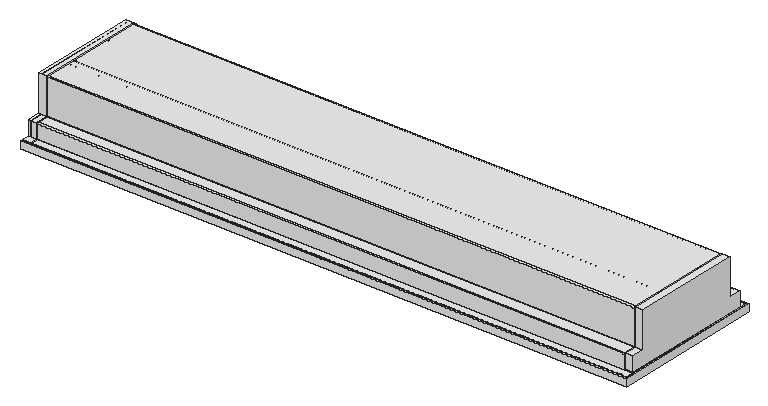
Revit family "MSUo", category Lighting Fixtures, host Ceiling, Revit 2019
Family settings
  Host = Ceiling
  Round Connector Dimension = Use Diameter
  Part Type = Normal
  OmniClass Number = 23.80.70.11.14.17
  OmniClass Title = Direct/Indirect
  Always vertical = Yes
  Cut with Voids When Loaded = No
  Light Source = Yes
  Shared = No
  Room Calculation Point = No
Parameters (values of type "MSUo-1X4-LED840KxxL_32GUNV")
  Width = 0' - 11 3/4"
  Wattage = 51 W
  built-in parameter 1150110 = 1 (stored number, unit not read)
  Voltage = 120 V
  URL = "https://www.viscor.com/en/products/msui"
  built-in parameter 1114217 = 0.9 (stored number, unit not read)
  Tilt Angle = 90.00°
  built-in parameter 1150109 = 1 (stored number, unit not read)
  built-in parameter 1150134 = 12
  built-in parameter 1150113 = 1 (stored number, unit not read)
  Photometric Web File = "MSUo-1X4-LED840KxxL_32GUNV.ies"
  Model = "MSUo"  # constant formula
  Manufacturer = "CERTOLUX by VISCOR"  # constant formula
  Lumens = 3162 lm
  built-in parameter 1150115 = 1 (stored number, unit not read)
  built-in parameter 1150105 = 251.62 (stored number, unit not read)
  built-in parameter 1150137 = (empty or 0)
  built-in parameter 1150139 = (empty or 0)
  Lens Finish Green = Acrylic - Viscor Frosted Prismatic P12 Green
  Lens Finish = Acrylic - Viscor - Frosted Prismatic P12
  Length = 3' - 11 3/4"
  Lamp Wattage = 51 VA
  built-in parameter 1150112 = 1 (stored number, unit not read)
  built-in parameter 1150114 = 1 (stored number, unit not read)
  Lamp = "LED"  # constant formula
  built-in parameter 1150132 = (empty or 0)
  built-in parameter 1150102 = (empty or 0)
  built-in parameter 1150138 = (empty or 0)
  built-in parameter 1150107 = 4000 (stored number, unit not read)
  built-in parameter 1150106 = 2.5162 (stored number, unit not read)
  Housing Finish = Metal - Viscor - White
  Emit from Rectangle Width = Width  # 0' - 11 3/4"
  Emit from Rectangle Length = Length  # 3' - 11 3/4"
  Emit Shape Visible in Rendering = no
  built-in parameter 1150104 = 5.76 (stored number, unit not read)
  Dimming Lamp Color Temperature Shift = <None>
  Description = "LED Recessed Medical Surgical with Overlapping Door Frame"  # constant formula
  Color Filter = 8454016
  built-in parameter 1114218 = 1 (stored number, unit not read)
  built-in parameter 1150133 = 10 (stored number, unit not read)
  Assembly Code = "D5020200"
  Apparent Load = Lamp Wattage  # 51 VA
Types (22): name | Width | Wattage | URL | Photometric Web File | Lumens | built-in parameter 1150105 | Lens Finish Green | Length | Lamp Wattage | built-in parameter 1150106 | Emit from Rectangle Width | Emit from Rectangle Length | built-in parameter 1150104 | Color Filter | Apparent Load
  (no name) | 0' - 11 3/4" | 51 W | "https://www.viscor.com/en/products/msui" | "MSUo-1X4-LED840KxxL_32GUNV.ies" | 3162 lm | 251.62 (stored number, unit not read) | Acrylic - Viscor Frosted Prismatic P12 Green | 3' - 11 3/4" | 51 VA | 2.5162 (stored number, unit not read) | 0' - 11 3/4" | 3' - 11 3/4" | 5.76 (stored number, unit not read) | 8454016 | 51 VA
  MSUo-1X4-LED840K035LUNV | 0' - 11 3/4" | 32 W | "https://www.viscor.com/en/products/msui" | "MSUo-1X4-LED840K035LUNV.ies" | 3584 lm | 285.21 (stored number, unit not read) | none | 3' - 11 3/4" | 32 VA | 2.8521 (stored number, unit not read) | 0' - 11 3/4" | 3' - 11 3/4" | 10.405 (stored number, unit not read) | 16777215 | 32 VA
  MSUo-2X2-LED840K035LUNV | 1' - 11 3/4" | 31 W | "https://www.viscor.com/en/products/msui" | "MSUo-2X2-LED840K035LUNV.ies" | 3565 lm | 283.69 (stored number, unit not read) | none | 1' - 11 3/4" | 31 VA | 2.8369 (stored number, unit not read) | 1' - 11 3/4" | 1' - 11 3/4" | 10.684 (stored number, unit not read) | 16777215 | 31 VA
  MSUo-2X4-LED840K055LUNV | 1' - 11 3/4" | 45 W | "https://www.viscor.com/en/products/msui" | "MSUo-2X4-LED840K055LUNV.ies" | 5535 lm | 440.46 (stored number, unit not read) | none | 3' - 11 3/4" | 45 VA | 4.4046 (stored number, unit not read) | 1' - 11 3/4" | 3' - 11 3/4" | 11.427 (stored number, unit not read) | 16777215 | 45 VA
  MSUo-1X4-LED840K055LUNV | 0' - 11 3/4" | 51 W | "https://www.viscor.com/en/products/msui" | "MSUo-1X4-LED840K055LUNV.ies" | 5559 lm | 442.37 (stored number, unit not read) | none | 3' - 11 3/4" | 51 VA | 4.4237 (stored number, unit not read) | 0' - 11 3/4" | 3' - 11 3/4" | 10.126 (stored number, unit not read) | 16777215 | 51 VA
  MSUo-1X4-LED840K070LUNV | 0' - 11 3/4" | 68 W | "https://www.viscor.com/en/products/msui" | "MSUo-1X4-LED840K070LUNV.ies" | 7072 lm | 562.77 (stored number, unit not read) | none | 3' - 11 3/4" | 68 VA | 5.6277 (stored number, unit not read) | 0' - 11 3/4" | 3' - 11 3/4" | 9.6619 (stored number, unit not read) | 16777215 | 68 VA
  MSUo-1X4-LED840K100LUNV | 0' - 11 3/4" | 96 W | "https://www.viscor.com/en/products/msui" | "MSUo-1X4-LED840K100LUNV.ies" | 10080 lm | 802.14 (stored number, unit not read) | none | 3' - 11 3/4" | 96 VA | 8.0214 (stored number, unit not read) | 0' - 11 3/4" | 3' - 11 3/4" | 9.7548 (stored number, unit not read) | 16777215 | 96 VA
  MSUo-2X2-LED840K055LUNV | 1' - 11 3/4" | 50 W | "https://www.viscor.com/en/products/msui" | "MSUo-2X2-LED840K055LUNV.ies" | 5550 lm | 441.65 (stored number, unit not read) | none | 1' - 11 3/4" | 50 VA | 4.4165 (stored number, unit not read) | 1' - 11 3/4" | 1' - 11 3/4" | 10.312 (stored number, unit not read) | 16777215 | 50 VA
  MSUo-2X2-LED840K070LUNV | 1' - 11 3/4" | 65 W | "https://www.viscor.com/en/products/msui" | "MSUo-2X2-LED840K070LUNV.ies" | 7020 lm | 558.63 (stored number, unit not read) | none | 1' - 11 3/4" | 65 VA | 5.5863 (stored number, unit not read) | 1' - 11 3/4" | 1' - 11 3/4" | 10.034 (stored number, unit not read) | 16777215 | 65 VA
  MSUo-2X2-LED840K100LUNV | 1' - 11 3/4" | 93 W | "https://www.viscor.com/en/products/msui" | "MSUo-2X2-LED840K100LUNV.ies" | 10137 lm | 806.68 (stored number, unit not read) | none | 1' - 11 3/4" | 93 VA | 8.0668 (stored number, unit not read) | 1' - 11 3/4" | 1' - 11 3/4" | 10.126 (stored number, unit not read) | 16777215 | 93 VA
  MSUo-2X4-LED840K070LUNV | 1' - 11 3/4" | 59 W | "https://www.viscor.com/en/products/msui" | "MSUo-2X4-LED840K070LUNV.ies" | 7080 lm | 563.41 (stored number, unit not read) | none | 3' - 11 3/4" | 59 VA | 5.6341 (stored number, unit not read) | 1' - 11 3/4" | 3' - 11 3/4" | 11.148 (stored number, unit not read) | 16777215 | 59 VA
  MSUo-2X4-LED840K100LUNV | 1' - 11 3/4" | 80 W | "https://www.viscor.com/en/products/msui" | "MSUo-2X4-LED840K100LUNV.ies" | 10080 lm | 802.14 (stored number, unit not read) | none | 3' - 11 3/4" | 80 VA | 8.0214 (stored number, unit not read) | 1' - 11 3/4" | 3' - 11 3/4" | 11.706 (stored number, unit not read) | 16777215 | 80 VA
  MSUo-2X4-LED840K120LUNV | 1' - 11 3/4" | 99 W | "https://www.viscor.com/en/products/msui" | "MSUo-2X4-LED840K120LUNV.ies" | 12078 lm | 961.14 (stored number, unit not read) | none | 3' - 11 3/4" | 99 VA | 9.6114 (stored number, unit not read) | 1' - 11 3/4" | 3' - 11 3/4" | 11.334 (stored number, unit not read) | 16777215 | 99 VA
  MSUo-2X4-LED840K180LUNV | 1' - 11 3/4" | 143 W | "https://www.viscor.com/en/products/msui" | "MSUo-2X4-LED840K180LUNV.ies" | 18161 lm | 1445.2 (stored number, unit not read) | none | 3' - 11 3/4" | 143 VA | 14.452 (stored number, unit not read) | 1' - 11 3/4" | 3' - 11 3/4" | 11.799 (stored number, unit not read) | 16777215 | 143 VA
  MSUo-2X4-LED840K240LUNV | 1' - 11 3/4" | 198 W | "https://www.viscor.com/en/products/msuo" | "MSUo-2X4-LED840K240LUNV.ies" | 24156 lm | 1922.3 (stored number, unit not read) | none | 3' - 11 3/4" | 198 VA | 19.223 (stored number, unit not read) | 1' - 11 3/4" | 3' - 11 3/4" | 11.334 (stored number, unit not read) | 16777215 | 198 VA
  MSUo-1X4-LED840KxxL_32GUNV | 0' - 11 3/4" | 51 W | "https://www.viscor.com/en/products/msui" | "MSUo-1X4-LED840KxxL_32GUNV.ies" | 3162 lm | 251.62 (stored number, unit not read) | Acrylic - Viscor Frosted Prismatic P12 Green | 3' - 11 3/4" | 51 VA | 2.5162 (stored number, unit not read) | 0' - 11 3/4" | 3' - 11 3/4" | 5.76 (stored number, unit not read) | 8454016 | 51 VA
  MSUo-1X4-LED840KxxL_50GUNV | 0' - 11 3/4" | 80 W | "https://www.viscor.com/en/products/msui" | "MSUo-1X4-LED840KxxL_50GUNV.ies" | 4960 lm | 394.7 (stored number, unit not read) | Acrylic - Viscor Frosted Prismatic P12 Green | 3' - 11 3/4" | 80 VA | 3.947 (stored number, unit not read) | 0' - 11 3/4" | 3' - 11 3/4" | 5.76 (stored number, unit not read) | 8454016 | 80 VA
  MSUo-2X2-LED840KxxL_32GUNV | 1' - 11 3/4" | 51 W | "https://www.viscor.com/en/products/msui" | "MSUo-2X2-LED840KxxL_32GUNV.ies" | 3213 lm | 255.68 (stored number, unit not read) | Acrylic - Viscor Frosted Prismatic P12 Green | 1' - 11 3/4" | 51 VA | 2.5568 (stored number, unit not read) | 1' - 11 3/4" | 1' - 11 3/4" | 5.8529 (stored number, unit not read) | 8454016 | 51 VA
  MSUo-2X2-LED840KxxL_50GUNV | 1' - 11 3/4" | 80 W | "https://www.viscor.com/en/products/msui" | "MSUo-2X2-LED840KxxL_50GUNV.ies" | 4960 lm | 394.7 (stored number, unit not read) | Acrylic - Viscor Frosted Prismatic P12 Green | 1' - 11 3/4" | 80 VA | 3.947 (stored number, unit not read) | 1' - 11 3/4" | 1' - 11 3/4" | 5.76 (stored number, unit not read) | 8454016 | 80 VA
  MSUo-2X4-LED840KxxL_32GUNV | 1' - 11 3/4" | 45 W | "https://www.viscor.com/en/products/msui" | "MSUo-2X4-LED840KxxL_32GUNV.ies" | 3195 lm | 254.25 (stored number, unit not read) | Acrylic - Viscor Frosted Prismatic P12 Green | 3' - 11 3/4" | 45 VA | 2.5425 (stored number, unit not read) | 1' - 11 3/4" | 3' - 11 3/4" | 6.5961 (stored number, unit not read) | 8454016 | 45 VA
  MSUo-2X4-LED840KxxL_50GUNV | 1' - 11 3/4" | 70 W | "https://www.viscor.com/en/products/msui" | "MSUo-2X4-LED840KxxL_50GUNV.ies" | 4970 lm | 395.5 (stored number, unit not read) | Acrylic - Viscor Frosted Prismatic P12 Green | 3' - 11 3/4" | 70 VA | 3.955 (stored number, unit not read) | 1' - 11 3/4" | 3' - 11 3/4" | 6.5961 (stored number, unit not read) | 8454016 | 70 VA
  MSUo-2X4-LED840KxxL_100GUNV | 1' - 11 3/4" | 139 W | "https://www.viscor.com/en/products/msui" | "MSUo-2X4-LED840KxxL_100GUNV.ies" | 10008 lm | 796.41 (stored number, unit not read) | Acrylic - Viscor Frosted Prismatic P12 Green | 3' - 11 3/4" | 139 VA | 7.9641 (stored number, unit not read) | 1' - 11 3/4" | 3' - 11 3/4" | 6.689 (stored number, unit not read) | 8454016 | 139 VA
Reference planes (in)
  plane 1 "Light Source Axis (F/B)": y = 0
  plane 2 "Ceiling": z = 96
  plane 3 "Light Source Axis (L/R)": x = 0
  plane 4 "Light Source Elevation": z = 96
  plane 5: y = 5.875
  plane 6: y = -5.875
  plane 7 "Left": x = -23.875
  plane 8 "Right": x = 23.875
  plane 9: x = -23.25
  plane 10: x = 23.25
  plane 11: x = -22.625
  plane 12: x = 22.625
  plane 13 "USofFrame": z = 96.045
  plane 14: y = -11.25
  plane 15: y = 11.25
  plane 16 "Lens": z = 96.17
  plane 17 "OverlappingDoor": z = 95.4375
  plane 18 "LensPosition": z = 95.5
Forms (in)
  Extrusion 1, solid, material "Metal - Viscor - White" <- "Housing Finish"
    sketch origin (0, 0, 0) x (0, 1, 0) y (0, 0, 1)
      loop
        arc (5.3015, 97.168) -> (5.28217, 97.21467) -> (5.2355, 97.234) r 0.066
        line (5.2355, 97.234) -> (4.3115, 97.234)
        arc (4.3115, 97.234) -> (4.29029, 97.24279) -> (4.2815, 97.264) r 0.03
        line (4.2815, 97.264) -> (4.2815, 100.007)
        arc (4.2815, 100.007) -> (4.26217, 100.05367) -> (4.2155, 100.073) r 0.066
        line (4.2155, 100.073) -> (-4.2155, 100.073)
        arc (-4.2155, 100.073) -> (-4.26217, 100.05367) -> (-4.2815, 100.007) r 0.066
        line (-4.2815, 100.007) -> (-4.2815, 97.264)
        arc (-4.2815, 97.264) -> (-4.29029, 97.24279) -> (-4.3115, 97.234) r 0.03
        line (-4.3115, 97.234) -> (-5.2355, 97.234)
        arc (-5.2355, 97.234) -> (-5.28217, 97.21467) -> (-5.3015, 97.168) r 0.066
        line (-5.3015, 97.168) -> (-5.3015, 96.073) -> (-5.26634, 96.073) -> (-5.26634, 97.168)
        arc (-5.26634, 97.168) -> (-5.25731, 97.18981) -> (-5.2355, 97.19884) r 0.03084
        line (-5.2355, 97.19884) -> (-4.3115, 97.19884)
        arc (-4.3115, 97.19884) -> (-4.26543, 97.21793) -> (-4.24634, 97.264) r 0.06516
        line (-4.24634, 97.264) -> (-4.24634, 100.007)
        arc (-4.24634, 100.007) -> (-4.23731, 100.02881) -> (-4.2155, 100.03784) r 0.03084
        line (-4.2155, 100.03784) -> (4.2155, 100.03784)
        arc (4.2155, 100.03784) -> (4.23731, 100.02881) -> (4.24634, 100.007) r 0.03084
        line (4.24634, 100.007) -> (4.24634, 97.264)
        arc (4.24634, 97.264) -> (4.26543, 97.21793) -> (4.3115, 97.19884) r 0.06516
        line (4.3115, 97.19884) -> (5.2355, 97.19884)
        arc (5.2355, 97.19884) -> (5.25731, 97.18981) -> (5.26634, 97.168) r 0.03084
        line (5.26634, 97.168) -> (5.26634, 96.073) -> (5.3015, 96.073) -> (5.3015, 97.168)
    from -23.25 to 23.25
  Extrusion 2, solid
    sketch origin (0, 0, 0) x (0, 1, 0) y (0, 0, 1)
      loop
        arc (1.664, 100.03702) -> (1.61097, 100.01506) -> (1.58901, 99.96204) r 0.07499
        line (1.58901, 99.96204) -> (1.589, 99.487)
        arc (1.589, 99.487) -> (1.57758, 99.45942) -> (1.55, 99.448) r 0.039
        line (1.55, 99.448) -> (-1.55, 99.448)
        arc (-1.55, 99.448) -> (-1.57758, 99.45942) -> (-1.589, 99.487) r 0.039
        line (-1.589, 99.487) -> (-1.589, 99.96195)
        arc (-1.589, 99.96195) -> (-1.61097, 100.01498) -> (-1.664, 100.037) r 0.075
        line (-1.664, 100.037) -> (-2.214, 100.037) -> (-2.214, 100.00184) -> (-1.664, 100.00179)
        arc (-1.664, 100.00179) -> (-1.63583, 99.99012) -> (-1.62416, 99.96195) r 0.03984
        line (-1.62416, 99.96195) -> (-1.62416, 99.487)
        arc (-1.62416, 99.487) -> (-1.60244, 99.43456) -> (-1.55, 99.41284) r 0.07416
        line (-1.55, 99.41284) -> (1.55, 99.41284)
        arc (1.55, 99.41284) -> (1.60244, 99.43456) -> (1.62417, 99.487) r 0.07416
        line (1.62417, 99.487) -> (1.62417, 99.96204)
        arc (1.62417, 99.96204) -> (1.63583, 99.9902) -> (1.664, 100.00187) r 0.03983
        line (1.664, 100.00187) -> (2.214, 100.00187) -> (2.214, 100.03702) -> (1.664, 100.03702)
    from -23.25 to 23.25
  Extrusion 3, solid, material "Metal - Viscor - White" <- "Housing Finish"
    sketch origin (0, 0, 0) x (0, 1, 0) y (0, 0, 1)
      loop
        line (5.299, 96.095) -> (5.299, 97.234) -> (4.2815, 97.234) -> (4.2815, 100.073) -> (-4.2815, 100.073) -> (-4.2815, 97.234) -> (-5.3015, 97.234) -> (-5.3015, 96.095) -> (5.299, 96.095)
    from -23.875 to -23.25
  Extrusion 4, void
    sketch origin (-23.25, 0, 0) x (0, -1, 0) y (0, 0, 1)
      loop
        line (4.24634, 100.03784) -> (-4.24634, 100.03784) -> (-4.24634, 97.19884) -> (-5.26384, 97.19884) -> (-5.26384, 96.13016) -> (5.26634, 96.13016) -> (5.26634, 97.19884) -> (4.24634, 97.19884) -> (4.24634, 100.03784)
    from 0 to 0.47339
  Extrusion 5, solid, material "Metal - Viscor - White" <- "Housing Finish"
    sketch origin (0, 0, 0) x (0, 1, 0) y (0, 0, -1)
      loop
        line (5.299, -96.095) -> (-5.3015, -96.095) -> (-5.3015, -97.234) -> (-4.2815, -97.234) -> (-4.2815, -100.073) -> (4.2815, -100.073) -> (4.2815, -97.234) -> (5.299, -97.234) -> (5.299, -96.095)
    from -23.875 to -23.25
  Extrusion 6, void
    sketch origin (23.25, 0, 0) x (0, -1, 0) y (0, 0, -1)
      loop
        line (4.24634, -100.03784) -> (4.24634, -97.19884) -> (5.26634, -97.19884) -> (5.26634, -96.13016) -> (-5.26384, -96.13016) -> (-5.26384, -97.19884) -> (-4.24634, -97.19884) -> (-4.24634, -100.03784) -> (4.24634, -100.03784)
    from 0 to 0.47339
  Extrusion 7, solid, material "Metal - Viscor - White" <- "Housing Finish"
    sketch origin (0, 0, 0) x (0, 1, 0) y (0, 0, 1)
      loop
        line (4.39827, 96.724) -> (3.1406, 97.23213) -> (1.45632, 99.38791)
        arc (1.45632, 99.38791) -> (1.43432, 99.40566) -> (1.40677, 99.412) r 0.063
        line (1.40677, 99.412) -> (0.8125, 99.412) -> (0.8125, 99.38075) -> (1.42226, 99.38075) -> (3.12113, 97.20629) -> (4.38657, 96.69503) -> (4.39827, 96.724)
    from -22.625 to 22.625
  Extrusion 8, solid, material "Metal - Viscor - White" <- "Housing Finish"
    sketch origin (0, 0, 0) x (0, -1, 0) y (0, 0, -1)
      loop
        line (4.39827, -96.724) -> (4.38657, -96.69503) -> (3.12113, -97.20629) -> (1.42226, -99.38075) -> (0.8125, -99.38075) -> (0.8125, -99.412) -> (1.40677, -99.412)
        arc (1.40677, -99.412) -> (1.43432, -99.40566) -> (1.45632, -99.38791) r 0.063
        line (1.45632, -99.38791) -> (3.1406, -97.23213) -> (4.39827, -96.724)
    from -22.625 to 22.625
  Extrusion 9, solid, material "Metal - Viscor - White" <- "Housing Finish"
    sketch origin (0, 0, 0) x (0, 1, 0) y (0, 0, 1)
      loop
        line (5.8745, 96) -> (5.8745, 96.04687) -> (5.2715, 96.04688)
        arc (5.2715, 96.04688) -> (5.24313, 96.05863) -> (5.23067, 96.087) r 0.04012
        line (5.23067, 96.087) -> (5.23067, 96.63488) -> (-5.23138, 96.63488) -> (-5.23138, 96.087)
        arc (-5.23138, 96.087) -> (-5.24313, 96.05863) -> (-5.2715, 96.04687) r 0.04012
        line (-5.2715, 96.04687) -> (-5.8745, 96.04687) -> (-5.8745, 96) -> (-5.2715, 96)
        arc (-5.2715, 96) -> (-5.20998, 96.02548) -> (-5.1845, 96.087) r 0.087
        line (-5.1845, 96.087) -> (-5.1845, 96.588) -> (5.18379, 96.588) -> (5.1845, 96.087)
        arc (5.1845, 96.087) -> (5.20998, 96.02548) -> (5.2715, 96) r 0.087
        line (5.2715, 96) -> (5.8745, 96)
    from -23.875 to 23.875
  Extrusion 10, solid, material "Metal - Viscor - White" <- "Housing Finish"
    sketch origin (0, 0, 96) x (1, 0, 0) y (0, 1, 0)
      loop
        line (-23.875, -5.875) -> (-23.25, -5.875) -> (-23.25, 5.875) -> (-23.875, 5.875) -> (-23.875, -5.875)
    from 0 to 0.045
  Extrusion 11, solid, material "Metal - Viscor - White" <- "Housing Finish"
    sketch origin (0, 0, 96) x (1, 0, 0) y (0, 1, 0)
      loop
        line (23.25, -5.875) -> (23.875, -5.875) -> (23.875, 5.875) -> (23.25, 5.875) -> (23.25, -5.875)
    from 0 to 0.045
  Extrusion 12, void
    sketch origin (43.99109, -53.88196, 0) x (1, 0, 0) y (0, 1, 0)
      loop
        line (-67.86609, 59.75696) -> (-67.86609, 48.00696) -> (-20.11609, 48.00696) -> (-20.11609, 59.75696) -> (-67.86609, 59.75696)
    from 95.73163 to 100.39174
  Extrusion 13, solid, material "Metal - Viscor - White" <- "Housing Finish"
    sketch origin (0, 0, 95.4375) x (0, 1, 0) y (-1, 0, 0)
      loop
        line (-6, 24) -> (-6, -24) -> (5.9995, -24) -> (5.9995, 24) -> (-6, 24)
      loop
        line (-3.8125, 21.8125) -> (-3.8125, -21.8125) -> (3.812, -21.8125) -> (3.812, 21.8125) -> (-3.8125, 21.8125)
    from 0 to 0.5625
  Extrusion 14, solid, material "Acrylic - Viscor Frosted Prismatic P12 Green" <- "Lens Finish Green"
    sketch origin (0, 0, 95.5) x (0, 1, 0) y (-1, 0, 0)
      loop
        line (-4.0625, 22.0625) -> (-4.0625, -22.0625) -> (4.062, -22.0625) -> (4.062, 22.0625) -> (-4.0625, 22.0625)
    from 0 to 0.125
Cuts and joins
  Extrusion 4, Extrusion 6 cuts Extrusion 2
  Extrusion 4, Extrusion 6 cuts Extrusion 3
  Extrusion 6 cuts Extrusion 5
Dimensions and locks (in)
  equal spacing: host sketch curve, plane 3 "Light Source Axis (L/R)", host sketch curve
  equal spacing: host sketch curve, plane 1 "Light Source Axis (F/B)", host sketch curve
  host sketch curve to host sketch curve = 10' - 0"  (x2)
  locked: import instance to host ceiling at 4.109
  equal spacing: plane 7 "Left", plane 3 "Light Source Axis (L/R)", plane 8 "Right"
  "Length": plane 7 "Left" to plane 8 "Right"
  equal spacing: plane 5, plane 1 "Light Source Axis (F/B)", plane 6
  "Width": plane 5 to plane 6
  locked: plane 11 to plane 9 at 0.625
  locked: plane 7 "Left" to plane 9 at 0.625
  plane 12 to plane 10 = 0' - 0 5/8"
  plane 10 to plane 8 "Right" = 0' - 0 5/8"
  locked: plane 13 "USofFrame" to plane 2 "Ceiling" at 0.045
  plane 16 "Lens" to plane 13 "USofFrame" = 0' - 0 1/8"
  locked: plane 4 "Light Source Elevation" to plane 17 "OverlappingDoor" at 0.5625
  aligned and locked: plane 3 "Light Source Axis (L/R)" to imposter light
  aligned and locked: plane 1 "Light Source Axis (F/B)" to imposter light
  aligned and locked: plane 4 "Light Source Elevation" to imposter light
  aligned and locked: Extrusion 1 to plane 9
  aligned and locked: plane 10 to Extrusion 1
  aligned and locked: Extrusion 2 to plane 9
  aligned and locked: plane 10 to Extrusion 2
  aligned and locked: Extrusion 3 to plane 7 "Left"
  aligned and locked: plane 9 to Extrusion 3
  aligned and locked: Extrusion 7 to plane 11
  aligned and locked: plane 12 to Extrusion 7
  aligned and locked: Extrusion 8 to plane 11
  aligned and locked: plane 12 to Extrusion 8
  aligned and locked: plane 8 "Right" to cut or joined group of Extrusion 5, Extrusion 6
  aligned and locked: cut or joined group of Extrusion 5, Extrusion 6 to plane 10
  aligned and locked: Extrusion 9 to plane 7 "Left"
  aligned and locked: plane 8 "Right" to Extrusion 9
  aligned and locked: Extrusion 10 sketch curve to plane 7 "Left"
  aligned and locked: plane 9 to Extrusion 10 sketch curve
  aligned and locked: plane 13 "USofFrame" to Extrusion 10
  aligned and locked: Extrusion 11 sketch curve to plane 10
  aligned and locked: Extrusion 11 sketch curve to plane 6
  aligned and locked: plane 5 to Extrusion 11 sketch curve
  aligned and locked: plane 13 "USofFrame" to Extrusion 11
  aligned and locked: Extrusion 12 to plane 7 "Left"
  aligned and locked: plane 8 "Right" to Extrusion 12
  aligned and locked: Extrusion 12 to plane 6
  aligned and locked: plane 5 to Extrusion 12
Automatic sketch dimensions
  Extrusion 1 sketch curve to Extrusion 1 sketch curve = 0' - 0"  (x12)
  plane 2 "Ceiling" to Extrusion 1 sketch curve = 0' - 0.073"  (x2)
  plane 6 to Extrusion 1 sketch curve = 0' - 0.5735"
  Extrusion 1 sketch curve to Extrusion 1 sketch curve = 0' - 0 9/256"
  Extrusion 1 sketch curve to Extrusion 1 sketch curve = 0' - 0.03084"  (x4)
  Extrusion 1 sketch curve to Extrusion 1 sketch curve = 0' - 0.924"
  Extrusion 1 sketch curve to Extrusion 1 sketch curve = 0' - 0.03"  (x2)
  Extrusion 1 sketch curve to plane 5 = 0' - 1.6595"
  Extrusion 1 sketch curve to plane 5 = 0' - 0.6395"
  Extrusion 1 sketch curve to Extrusion 1 sketch curve = 0' - 1.095"  (x2)
  Extrusion 1 sketch curve to Extrusion 1 sketch curve = 0' - 2.743"
  Extrusion 2 sketch curve to Extrusion 2 sketch curve = 0' - 0"  (x18)
  plane 6 to Extrusion 2 sketch curve = 0' - 3.661"
  Extrusion 2 sketch curve to Extrusion 2 sketch curve = 0' - 0.55"  (x2)
  Extrusion 2 sketch curve to Extrusion 2 sketch curve = 0' - 0.03984"
  Extrusion 2 sketch curve to Extrusion 2 sketch curve = 0' - 0 9/256"  (x4)
  Extrusion 2 sketch curve to Extrusion 2 sketch curve = 0' - 0.039"  (x3)
  Extrusion 2 sketch curve to plane 5 = 0' - 4.325"
  Extrusion 2 sketch curve to Extrusion 2 sketch curve = 0' - 0.03901"
  Extrusion 2 sketch curve to Extrusion 2 sketch curve = 0' - 0.03983"
  plane 2 "Ceiling" to Extrusion 2 sketch curve = 0' - 3.41284"
  Extrusion 2 sketch curve to Extrusion 2 sketch curve = 0' - 0.47495"
  Extrusion 2 sketch curve to Extrusion 2 sketch curve = 0' - 0.47504"
  Extrusion 2 sketch curve to Extrusion 2 sketch curve = 0' - 0.00005"
  plane 2 "Ceiling" to Extrusion 3 sketch curve = 0' - 0.095"
  plane 6 to Extrusion 3 sketch curve = 0' - 0.5735"
  Extrusion 3 sketch curve to Extrusion 3 sketch curve = 0' - 1.02"
  Extrusion 3 sketch curve to plane 5 = 0' - 1.5935"
  Extrusion 3 sketch curve to plane 5 = 0' - 0.576"
  Extrusion 3 sketch curve to Extrusion 3 sketch curve = 0' - 1.139"  (x2)
  Extrusion 3 sketch curve to Extrusion 3 sketch curve = 0' - 2.839"
  Extrusion 3 to Extrusion 4 sketch curve = 0' - 0 9/256"  (x8)
  plane 2 "Ceiling" to Extrusion 5 sketch curve = 0' - 0.095"
  plane 6 to Extrusion 5 sketch curve = 0' - 0.5735"
  Extrusion 5 sketch curve to Extrusion 5 sketch curve = 0' - 1.02"
  Extrusion 5 sketch curve to plane 5 = 0' - 1.5935"
  Extrusion 5 sketch curve to plane 5 = 0' - 0.576"
  plane 2 "Ceiling" to Extrusion 5 sketch curve = 0' - 1.234"
  Extrusion 5 sketch curve to Extrusion 5 sketch curve = 0' - 1.139"
  Extrusion 5 sketch curve to Extrusion 5 sketch curve = 0' - 2.839"
  Extrusion 5 to Extrusion 6 sketch curve = 0' - 0 9/256"  (x8)
  Extrusion 7 sketch curve to plane 5 = 0' - 5 1/16"
  Extrusion 7 sketch curve to Extrusion 7 sketch curve = 0' - 0.59427"
  Extrusion 7 sketch curve to Extrusion 7 sketch curve = 0' - 0.01549"
  Extrusion 7 sketch curve to Extrusion 7 sketch curve = 0' - 0.03406"
  plane 2 "Ceiling" to Extrusion 7 sketch curve = 0' - 1.20629"
  Extrusion 7 sketch curve to Extrusion 7 sketch curve = 0' - 1.71436"
  plane 2 "Ceiling" to Extrusion 7 sketch curve = 0' - 1.23213"
  Extrusion 7 sketch curve to Extrusion 7 sketch curve = 0' - 0.01947"
  plane 2 "Ceiling" to Extrusion 7 sketch curve = 0' - 0.69503"
  Extrusion 7 sketch curve to Extrusion 7 sketch curve = 0' - 1.24597"
  Extrusion 7 sketch curve to Extrusion 7 sketch curve = 0' - 2.11687"
  Extrusion 7 sketch curve to Extrusion 7 sketch curve = 0' - 0.03175"
  Extrusion 7 sketch curve to Extrusion 7 sketch curve = 0' - 0.00716"
  Extrusion 7 sketch curve to Extrusion 7 sketch curve = 0' - 0 1/32"
  Extrusion 7 sketch curve to Extrusion 7 sketch curve = 0' - 0"
  Extrusion 8 sketch curve to plane 6 = 0' - 5 1/16"
  Extrusion 8 sketch curve to Extrusion 8 sketch curve = 0' - 0.59427"
  Extrusion 8 sketch curve to Extrusion 8 sketch curve = 0' - 0.01549"
  Extrusion 8 sketch curve to Extrusion 8 sketch curve = 0' - 0.03406"
  Extrusion 8 sketch curve to plane 2 "Ceiling" = 0' - 1.20629"
  Extrusion 8 sketch curve to Extrusion 8 sketch curve = 0' - 1.71436"
  Extrusion 8 sketch curve to plane 2 "Ceiling" = 0' - 1.23213"
  Extrusion 8 sketch curve to Extrusion 8 sketch curve = 0' - 0.01947"
  Extrusion 8 sketch curve to plane 2 "Ceiling" = 0' - 0.69503"
  Extrusion 8 sketch curve to Extrusion 8 sketch curve = 0' - 1.24597"
  Extrusion 8 sketch curve to Extrusion 8 sketch curve = 0' - 2.11687"
  Extrusion 8 sketch curve to Extrusion 8 sketch curve = 0' - 0.03175"
  Extrusion 8 sketch curve to Extrusion 8 sketch curve = 0' - 0.00716"
  Extrusion 8 sketch curve to Extrusion 8 sketch curve = 0' - 0 1/32"
  Extrusion 8 sketch curve to Extrusion 8 sketch curve = 0' - 0"
  Extrusion 9 sketch curve to Extrusion 9 sketch curve = 0' - 0"  (x15)
  plane 6 to Extrusion 9 sketch curve = 0' - 0.0005"
  plane 2 "Ceiling" to Extrusion 9 sketch curve = 0' - 0.087"  (x2)
  plane 6 to Extrusion 9 sketch curve = 0' - 0.6035"
  Extrusion 9 sketch curve to Extrusion 9 sketch curve = 0' - 0.04013"
  Extrusion 9 sketch curve to Extrusion 9 sketch curve = 0' - 0 3/64"  (x3)
  Extrusion 9 sketch curve to plane 5 = 0' - 0.69121"
  Extrusion 9 sketch curve to Extrusion 9 sketch curve = 0' - 0.04083"
  plane 2 "Ceiling" to Extrusion 9 sketch curve = 0' - 0 3/64"
  Extrusion 9 sketch curve to plane 2 "Ceiling" = 0' - 0"  (x2)
  Extrusion 9 sketch curve to Extrusion 9 sketch curve = 0' - 0.501"
  Extrusion 9 sketch curve to Extrusion 9 sketch curve = 0' - 0.00071"  (x2)
  Extrusion 9 sketch curve to plane 5 = 0' - 0.0005"
  Extrusion 10 sketch curve to plane 6 = 0' - 0"
  Extrusion 10 sketch curve to plane 5 = 0' - 0"
  Extrusion 11 sketch curve to plane 8 "Right" = 0' - 0"
  Extrusion 12 sketch curve to plane 5 = 0' - 11 3/4"
  Extrusion 12 sketch curve to plane 7 "Left" = 0' - 0"
  plane 7 "Left" to Extrusion 12 sketch curve = 3' - 11 3/4"
  Extrusion 12 sketch curve to Extrusion 12 sketch curve = 0' - 11 3/4"
  Extrusion 13 sketch curve to plane 6 = 0' - 0 1/8"
  Extrusion 13 sketch curve to plane 12 = 0' - 0 13/16"
  plane 6 to Extrusion 13 sketch curve = 0' - 2 1/16"
  plane 11 to Extrusion 13 sketch curve = 0' - 0 13/16"
  Extrusion 13 sketch curve to plane 5 = 0' - 2.063"
  plane 5 to Extrusion 13 sketch curve = 0' - 0.1245"
  plane 8 "Right" to Extrusion 13 sketch curve = 0' - 0 1/8"
  Extrusion 13 sketch curve to plane 7 "Left" = 0' - 0 1/8"
  Extrusion 14 sketch curve to plane 12 = 0' - 0 9/16"
  plane 6 to Extrusion 14 sketch curve = 0' - 1 13/16"
  plane 11 to Extrusion 14 sketch curve = 0' - 0 9/16"
  Extrusion 14 sketch curve to plane 5 = 0' - 1.813"
Connectors (in)
  electrical at (0, 0, 96), driven by "Voltage", driven by "Apparent Load"
    settings: index 1, voltage 120 V, apparent load 0 VA, apparent load phase1 51 VA, apparent load phase2 0 VA, apparent load phase3 0 VA, power factor 1, load classification "Other", number of poles 1, system type 31, power factor state 1, is connector primary yes, connector utility no, sub classification motor no, connector description ""
